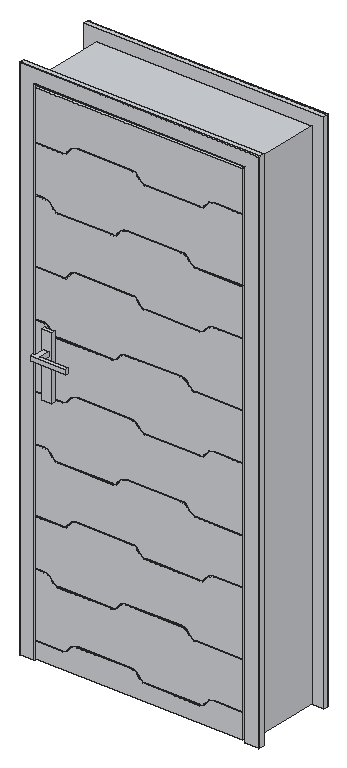
Revit family "PortaVECTORbp_I", category Drzwi, Revit 2016 (continued)
Definition of nested family "skrzydło"
  Automatic sketch dimensions
    Extrusion 3 sketch curve to Extrusion 3 sketch curve = 50.263 mm  (x3)
    Extrusion 3 sketch curve to Extrusion 3 sketch curve = 214.6 mm  (x2)
  Nested families
    nested 1: "KLAMKA" at (-354, -33.5, 1067), Materiał klamki <- "Materiał_klamka", type "KLAMKA"
      with Materiał klamki none
    nested 2: "KLAMKA" at (-354, 6.5, 1067), Materiał klamki <- "Materiał_klamka", type "KLAMKA"
      with Materiał klamki none
  Definition of nested family "KLAMKA"
    Parameters
      Materiał klamki [instance] = none
      Assembly Code = ""
      Default Elevation = 1219.2 mm
    Reference planes
      plane 1 "Center (Front/Back)": y = 0
      plane 2: z = 0
      plane 3 "Center (Left/Right)": x = 0
      plane 4: z = 125
      plane 5: z = -125
      plane 6: x = 20
      plane 7: x = -20
      plane 8: y = -70
      plane 9: y = -60
      plane 10: x = 10
      plane 11: x = -10
      plane 12: x = 120
      plane 13: z = 35
      plane 14: z = 55
      plane 15: y = -15
    Forms (mm)
      Extrusion 1, solid, material <- "Materiał klamki"
        sketch origin (0, 0, 0) x (1, 0, 0) y (0, 0, 1)
          loop
            line (-20, 125) -> (-20, -125) -> (20, -125) -> (20, 125) -> (-20, 125)
        from 0 to 15
      Extrusion 2, solid, material <- "Materiał klamki"
        sketch origin (0, 0, 0) x (1, 0, 0) y (0, 1, 0)
          loop
            line (-10, -15) -> (-10, -60) -> (-20, -60) -> (-20, -70) -> (120, -70) -> (120, -60) -> (10, -60) -> (10, -15) -> (-10, -15)
        from 35 to 55
    Dimensions and locks
      equal spacing: plane 4, plane 2, plane 5
      plane 4 to plane 5 = 250 mm
      equal spacing: plane 7, plane 3 "Center (Left/Right)", plane 6
      plane 7 to plane 6 = 40 mm
      plane 8 to plane 1 "Center (Front/Back)" = 70 mm
      plane 11 to plane 3 "Center (Left/Right)" to plane 10 = 10 mm locked, 10 mm locked
      plane 7 to plane 12 = 140 mm
      plane 15 to plane 1 "Center (Front/Back)" = 15 mm
      aligned and locked: plane 7 to Extrusion 1 sketch curve
      aligned and locked: Extrusion 1 sketch curve to plane 4
      aligned and locked: plane 5 to Extrusion 1 sketch curve
      aligned and locked: Extrusion 1 sketch curve to plane 6
      aligned and locked: plane 15 to Extrusion 1
      aligned and locked: Extrusion 1 to plane 1 "Center (Front/Back)"
      aligned and locked: plane 14 to Extrusion 2
      aligned and locked: Extrusion 2 to plane 13
    Automatic sketch dimensions
      Extrusion 2 sketch curve to plane 7 = 0 mm
      Extrusion 2 sketch curve to plane 9 = 0 mm  (x2)
      Extrusion 2 sketch curve to plane 11 = 0 mm
      Extrusion 2 sketch curve to plane 10 = 0 mm
      Extrusion 2 sketch curve to plane 12 = 0 mm
      Extrusion 2 sketch curve to plane 8 = 0 mm
      Extrusion 2 sketch curve to plane 15 = 0 mm
Types (5, lengths in mm): name | Szerokość brutto | Ss | Sb | Szerokość
  PN 70 | 780 | 718 | 746 | 700
  PN 60 | 680 | 618 | 646 | 600
  PN 80 | 880 | 818 | 846 | 800
  PN 90 | 980 | 918 | 946 | 900
  PN 100 | 1080 | 1018 | 1046 | 1000
